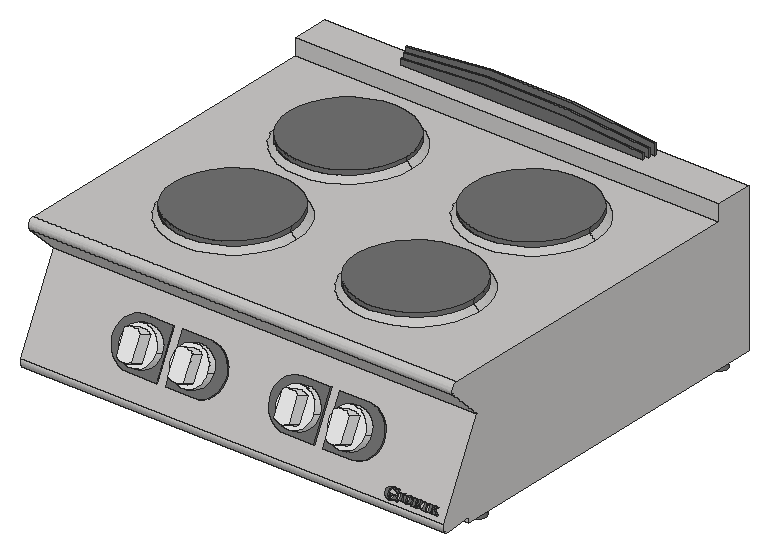
Revit family "QF_GIORIK_CE74TT", category Specialty Equipment, Revit 2014
Parameters (values of type "CE74TT")
  Weight in Pounds = 121.2541
  Watts = 10400 W
  Volts = 400 V
  URL Cutsheet = "www.giorik.com"
  URL = "www.giorik.com"
  Status [instance] = ""
  Specification by User [instance] = ""
  Specification by Manufacturer = ""
  Show Logo [instance] = yes
  Show Clearance [instance] = yes
  Serial Number = ""
  Seismic Rating = ""
  SMACNA No = ""
  Revision Code [instance] = ""
  Phase = 3
  Number of Poles [instance] = 3
  NAFEM Spec ID Number = ""
  Model = "CE74TT"
  Min Ckt Ampacity = 0 A
  Max Overcurrent Protection = 0 A
  Masterspec = ""
  Manufacturer = "GIORIK"
  Item Number [instance] = ""
  Installed By [instance] = ""
  Identify Quantity as Lot [instance] = no
  HP = "13.946608000000"
  Furnished By [instance] = ""
  Foodservice Equipment Identifier [instance] = yes
  FL Amps = 0 A
  Electrical Remarks [instance] = ""
  Electric Connection Type [instance] = ""
  Elec Conn RI Height [instance] = 0 mm
  Elec Conn Connection Height [instance] = 20 mm
  Description = "4 ELECTRIC ROUND PLATE HOB - COUNTERTOP VERSION"
  Cycle = 50 Hz
  Conn Plug = ""
  CSI MasterFormat = ""
  Assembly Code = "E1090320"
  Apparent Power = 10400 VA
Reference planes
  plane 1 "Back": y = 0
  plane 2: z = 0
  plane 3 "Left": x = 0
  plane 4 "Right": x = 800
  plane 5 "Front": y = -720
  plane 6 "Top": z = 300
Forms (mm)
  Extrusion 1, solid, visible <- "Show Logo"
    sketch origin (591.604, -736.761, 9.486) x (-1, 0, 0) y (0, 0.452718, 0.891654)
      loop
        line (-118.824, 58.358) -> (-127.804, 58.358) -> (-125.523, 56.445) -> (-125.523, 48.027) -> (-127.804, 46.113) -> (-118.824, 46.113) -> (-121.105, 48.027) -> (-121.105, 56.445) -> (-118.824, 58.358)
      loop
        line (-163.721, 58.358) -> (-172.7, 58.358) -> (-170.42, 56.445) -> (-170.42, 48.027) -> (-172.7, 46.113) -> (-163.721, 46.113) -> (-166.001, 48.027) -> (-166.001, 56.445) -> (-163.721, 58.358)
      loop
        line (-174.332, 58.358) -> (-183.312, 58.358) -> (-181.031, 56.445) -> (-181.031, 52.435) -> (-186.419, 56.955) -> (-184.416, 58.358) -> (-191.268, 58.358) -> (-188.01, 56.839) -> (-185.455, 54.283) -> (-190.846, 47.858) -> (-193.396, 46.93) -> (-193.396, 46.113) -> (-184.416, 46.113) -> (-185.437, 47.571) -> (-182.443, 51.552) -> (-181.031, 50.894) -> (-181.031, 48.027) -> (-183.312, 46.113) -> (-174.332, 46.113) -> (-176.613, 48.027) -> (-176.613, 56.445) -> (-174.332, 58.358)
      loop
        line (-115.429, 62.063) -> (-115.429, 54.198)
        arc (-115.429, 54.198) -> (-111.618, 57.803) -> (-106.847, 59.986) r 16.039
        arc (-106.847, 59.986) -> (-103.314, 59.837) -> (-100.512, 57.68) r 5.851
        arc (-100.512, 57.68) -> (-98.815, 52.267) -> (-100.512, 46.853) r 9.479
        arc (-100.512, 46.853) -> (-102.406, 44.986) -> (-104.846, 43.93) r 7.236
        arc (-104.846, 43.93) -> (-107.728, 44.111) -> (-110.052, 45.825) r 5.11
        line (-110.052, 45.825) -> (-110.052, 52.001) -> (-116.141, 52.001) -> (-116.141, 45.503) -> (-117.893, 43.751) -> (-114.094, 44.769)
        arc (-114.094, 44.769) -> (-112.56, 44.947) -> (-111.129, 44.366) r 3.115
        arc (-111.129, 44.366) -> (-104.216, 42.091) -> (-97.303, 44.366) r 11.641
        arc (-97.303, 44.366) -> (-93.396, 52.107) -> (-97.303, 59.849) r 9.622
        arc (-97.303, 59.849) -> (-104.369, 62.174) -> (-111.435, 59.849) r 11.898
        line (-111.435, 59.849) -> (-115.429, 62.063)
      loop
        arc (-129.234, 56.068) -> (-135.893, 58.628) -> (-142.552, 56.068) r 9.941
        arc (-142.552, 56.068) -> (-144.234, 52.286) -> (-142.552, 48.505) r 5.093
        arc (-142.552, 48.505) -> (-135.893, 45.945) -> (-129.234, 48.505) r 9.941
        arc (-129.234, 48.505) -> (-127.552, 52.286) -> (-129.234, 56.068) r 5.093
      loop
        arc (-132.628, 54.403) -> (-135.893, 57.668) -> (-139.158, 54.403) r 3.265
        line (-139.158, 54.403) -> (-139.158, 50.169)
        arc (-139.158, 50.169) -> (-135.893, 46.904) -> (-132.628, 50.169) r 3.265
        line (-132.628, 50.169) -> (-132.628, 54.403)
      loop
        arc (-156.363, 58.365) -> (-159.647, 55.081) -> (-156.363, 51.796) r 3.285
        line (-156.363, 51.796) -> (-159.529, 47.306) -> (-162.087, 46.113) -> (-155.847, 46.113) -> (-153.529, 51.083) -> (-150.637, 51.083) -> (-150.637, 47.784) -> (-153.022, 46.113) -> (-144.011, 46.113) -> (-146.094, 47.68) -> (-146.094, 56.493) -> (-144.229, 58.365) -> (-156.363, 58.365)
      loop
        line (-150.637, 57.512) -> (-153.637, 57.512)
        arc (-153.637, 57.512) -> (-156.237, 54.912) -> (-153.637, 52.312) r 2.6
        line (-153.637, 52.312) -> (-150.637, 52.312) -> (-150.637, 57.512)
      loop
        line (-108.924, 52.001) -> (-104.936, 49.005) -> (-100.948, 52.001) -> (-108.924, 52.001)
    from 1.5 to -0.5
  Extrusion 2, solid
    sketch origin (0, 1000, -620) x (0, 1, 0) y (0, 0, 1)
      loop
        line (-1000, 919.988) -> (-1070, 919.988) -> (-1070, 889.988) -> (-1688.806, 889.988)
        arc (-1688.806, 889.988) -> (-1699.151, 883.075) -> (-1696.724, 870.873) r 11.197
        line (-1696.724, 870.873) -> (-1640.876, 815.025) -> (-1718.948, 661.258)
        arc (-1718.948, 661.258) -> (-1718.233, 650.105) -> (-1708.118, 645.354) r 10.981
        line (-1708.118, 645.354) -> (-1660, 649.925) -> (-1660, 640) -> (-1000, 640) -> (-1000, 919.988)
    from 0 to 800
  Extrusion 3, solid
    sketch origin (-220.755, -963.345, -547.637) x (1, 0, 0) y (0, 0.452718, 0.891654)
      loop
        line (463.221, 676.25) -> (463.221, 766.25) -> (409.698, 766.25)
        arc (409.698, 766.25) -> (364.698, 721.25) -> (409.698, 676.25) r 45
        line (409.698, 676.25) -> (463.221, 676.25)
    from 48 to 50
  Extrusion 4, solid
    sketch origin (553.797, -1008.697, -525.041) x (-1, 0, 0) y (0, -0.45351, -0.891251)
      loop
        circle (351.331, -721.346) r 35
    from 0 to 15
  Extrusion 5, solid
    sketch origin (553.797, -1008.697, -525.041) x (-1, 0, 0) y (0, -0.45351, -0.891251)
      loop
        arc (336.331, -743.846) -> (351.331, -748.846) -> (366.331, -743.846) r 25
        line (366.331, -743.846) -> (366.331, -698.846)
        arc (366.331, -698.846) -> (351.331, -693.846) -> (336.331, -698.846) r 25
        line (336.331, -698.846) -> (336.331, -743.846)
    from 15 to 40
  Extrusion 6, solid
    sketch origin (723.221, -963.345, -547.637) x (-1, 0, 0) y (0, -0.452718, -0.891654)
      loop
        line (463.221, -676.25) -> (409.698, -676.25)
        arc (409.698, -676.25) -> (364.698, -721.25) -> (409.698, -766.25) r 45
        line (409.698, -766.25) -> (463.221, -766.25) -> (463.221, -676.25)
    from 48 to 50
  Extrusion 7, solid
    sketch origin (-51.331, -1008.697, -525.041) x (1, 0, 0) y (0, 0.45351, 0.891251)
      loop
        circle (351.331, 721.346) r 35
    from 0 to 15
  Extrusion 8, solid
    sketch origin (-51.331, -1008.697, -525.041) x (1, 0, 0) y (0, 0.45351, 0.891251)
      loop
        line (336.331, 743.846) -> (336.331, 698.846)
        arc (336.331, 698.846) -> (351.331, 693.846) -> (366.331, 698.846) r 25
        line (366.331, 698.846) -> (366.331, 743.846)
        arc (366.331, 743.846) -> (351.331, 748.846) -> (336.331, 743.846) r 25
    from 15 to 40
  Extrusion 9, solid
    sketch origin (76.779, -963.345, -547.637) x (1, 0, 0) y (0, 0.452718, 0.891654)
      loop
        line (463.221, 676.25) -> (463.221, 766.25) -> (409.698, 766.25)
        arc (409.698, 766.25) -> (364.698, 721.25) -> (409.698, 676.25) r 45
        line (409.698, 676.25) -> (463.221, 676.25)
    from 48 to 50
  Extrusion 10, solid
    sketch origin (851.331, -1008.697, -525.041) x (-1, 0, 0) y (0, -0.45351, -0.891251)
      loop
        circle (351.331, -721.346) r 35
    from 0 to 15
  Extrusion 11, solid
    sketch origin (851.331, -1008.697, -525.041) x (-1, 0, 0) y (0, -0.45351, -0.891251)
      loop
        arc (336.331, -743.846) -> (351.331, -748.846) -> (366.331, -743.846) r 25
        line (366.331, -743.846) -> (366.331, -698.846)
        arc (366.331, -698.846) -> (351.331, -693.846) -> (336.331, -698.846) r 25
        line (336.331, -698.846) -> (336.331, -743.846)
    from 15 to 40
  Extrusion 12, solid
    sketch origin (1020.755, -963.345, -547.637) x (-1, 0, 0) y (0, -0.452718, -0.891654)
      loop
        line (463.221, -676.25) -> (409.698, -676.25)
        arc (409.698, -676.25) -> (364.698, -721.25) -> (409.698, -766.25) r 45
        line (409.698, -766.25) -> (463.221, -766.25) -> (463.221, -676.25)
    from 48 to 50
  Extrusion 13, solid
    sketch origin (246.203, -1008.697, -525.041) x (1, 0, 0) y (0, 0.45351, 0.891251)
      loop
        circle (351.331, 721.346) r 35
    from 0 to 15
  Extrusion 14, solid
    sketch origin (246.203, -1008.697, -525.041) x (1, 0, 0) y (0, 0.45351, 0.891251)
      loop
        line (336.331, 743.846) -> (336.331, 698.846)
        arc (336.331, 698.846) -> (351.331, 693.846) -> (366.331, 698.846) r 25
        line (366.331, 698.846) -> (366.331, 743.846)
        arc (366.331, 743.846) -> (351.331, 748.846) -> (336.331, 743.846) r 25
    from 15 to 40
  Extrusion 15, solid
    sketch origin (36.031, 0, -610.002) x (1, 0, 0) y (0, 0, 1)
      loop
        line (135, 909.989) -> (592.969, 909.989) -> (592.969, 919.989) -> (440.969, 929.989) -> (287, 929.989) -> (135, 919.989) -> (135, 909.989)
    from 32 to 35
  Extrusion 16, solid
    sketch origin (38, 10, -610.002) x (1, 0, 0) y (0, 0, 1)
      loop
        line (594, 909.989) -> (594, 924.989) -> (440, 937.489) -> (284, 937.489) -> (130, 925.001) -> (130, 909.989) -> (594, 909.989)
    from 32 to 35
  Extrusion 17, solid
    sketch origin (40, 20, -610.002) x (1, 0, 0) y (0, 0, 1)
      loop
        line (595, 909.989) -> (595, 930.001) -> (439, 945.258) -> (281, 945.258) -> (125, 929.989) -> (125, 909.989) -> (595, 909.989)
    from 32 to 35
  Extrusion 18, solid
    sketch origin (37, 2.499, 264.988) x (0, 1, 0) y (-1, 0, 0)
      loop
        circle (-231.5, -189.999) r 110
    from 23 to 15
  Blend 19, solid
    base sketch origin (781.36, -820.005, 269.988) x (0, 1, 0) y (-1, 0, 0)
      loop
        circle (591.004, 554.361) r 120
    top sketch origin (781.36, -820.005, 300) x (0, 1, 0) y (-1, 0, 0)
      loop
        circle (591.004, 554.361) r 110
    from 0 to -20.012
  Extrusion 20, solid
    sketch origin (37, -733.501, 264.988) x (0, -1, 0) y (1, 0, 0)
      loop
        circle (-231.5, 189.999) r 110
    from 23 to 15
  Blend 21, solid
    base sketch origin (781.36, 89.003, 269.988) x (0, -1, 0) y (1, 0, 0)
      loop
        circle (591.004, -554.361) r 120
    top sketch origin (781.36, 89.003, 300) x (0, -1, 0) y (1, 0, 0)
      loop
        circle (591.004, -554.361) r 110
    from 0 to -20.012
  Extrusion 22, solid
    sketch origin (763, 2.499, 264.988) x (0, 1, 0) y (-1, 0, 0)
      loop
        circle (-231.5, 189.999) r 110
    from 23 to 15
  Blend 23, solid
    base sketch origin (18.64, -820.005, 269.988) x (0, 1, 0) y (-1, 0, 0)
      loop
        circle (591.004, -554.361) r 120
    top sketch origin (18.64, -820.005, 300) x (0, 1, 0) y (-1, 0, 0)
      loop
        circle (591.004, -554.361) r 110
    from 0 to -20.012
  Extrusion 24, solid
    sketch origin (763, -733.501, 264.988) x (0, -1, 0) y (1, 0, 0)
      loop
        circle (-231.5, -189.999) r 110
    from 23 to 15
  Blend 25, solid
    base sketch origin (18.64, 89.003, 269.988) x (0, -1, 0) y (1, 0, 0)
      loop
        circle (591.004, 554.361) r 120
    top sketch origin (18.64, 89.003, 300) x (0, -1, 0) y (1, 0, 0)
      loop
        circle (591.004, 554.361) r 110
    from 0 to -20.012
  Extrusion 26, solid
    sketch origin (-4, 0, 0) x (1, 0, 0) y (0, 1, 0)
      loop
        circle (54, -385) r 12.5
    from 5 to 20
  Extrusion 27, solid
    sketch origin (543.603, 45.293, -30) x (0, 1, 0) y (-1, 0, 0)
      loop
        circle (-79.293, 516.603) r 5
    from 41.965 to 50
  Revolve 28, solid
    sketch origin (27, 49.943, -600) x (0, 1, 0) y (0, 0, 1)
      loop
        line (-83.943, 611.965) -> (-94.752, 611.965) -> (-97.943, 600) -> (-83.943, 600) -> (-83.943, 611.965)
      axis (-83.943, 611.965) -> (-83.943, 600)
    angle from 0 to 360
  Extrusion 29, solid
    sketch origin (543.603, -524.707, -30) x (0, 1, 0) y (-1, 0, 0)
      loop
        circle (-79.293, 516.603) r 5
    from 41.965 to 50
  Revolve 30, solid
    sketch origin (27, -520.057, -600) x (0, 1, 0) y (0, 0, 1)
      loop
        line (-83.943, 611.965) -> (-94.752, 611.965) -> (-97.943, 600) -> (-83.943, 600) -> (-83.943, 611.965)
      axis (-83.943, 611.965) -> (-83.943, 600)
    angle from 0 to 360
  Extrusion 31, solid
    sketch origin (256.397, 45.293, -30) x (0, 1, 0) y (-1, 0, 0)
      loop
        circle (-79.293, -516.603) r 5
    from 41.965 to 50
  Revolve 32, solid
    sketch origin (773, 49.943, -600) x (0, 1, 0) y (0, 0, -1)
      loop
        line (-83.943, -611.965) -> (-83.943, -600) -> (-97.943, -600) -> (-94.752, -611.965) -> (-83.943, -611.965)
      axis (-83.943, -611.965) -> (-83.943, -600)
    angle from 0 to 360
  Extrusion 33, solid
    sketch origin (256.397, -524.707, -30) x (0, 1, 0) y (-1, 0, 0)
      loop
        circle (-79.293, -516.603) r 5
    from 41.965 to 50
  Revolve 34, solid
    sketch origin (773, -520.057, -600) x (0, 1, 0) y (0, 0, -1)
      loop
        line (-83.943, -611.965) -> (-83.943, -600) -> (-97.943, -600) -> (-94.752, -611.965) -> (-83.943, -611.965)
      axis (-83.943, -611.965) -> (-83.943, -600)
    angle from 0 to 360
Lines and regions (mm)
  symbolic lines, style "200-EquipBorder-2D"
    curve 1: line (0, -720, 0) -> (800, -720, 0)
    curve 2: line (800, -720, 0) -> (800, 0, 0)
    curve 3: line (800, 0, 0) -> (0, 0, 0)
    curve 4: line (0, 0, 0) -> (0, -720, 0)
  symbolic lines, style "200-EquipInternal-2D"
    curve 5: line (0, -70, 300) -> (800, -70, 300)
    curve 6: line (165, -12, 900) -> (635, -12, 900)
    curve 7: line (635, -12, 900) -> (635, -15, 900)
    curve 8: line (635, -15, 900) -> (165, -15, 900)
    curve 9: line (165, -15, 900) -> (165, -12, 900)
    curve 10: line (168, -22, 900) -> (632, -22, 900)
    curve 11: line (632, -22, 900) -> (632, -25, 900)
    curve 12: line (632, -25, 900) -> (168, -25, 900)
    curve 13: line (168, -25, 900) -> (168, -22, 900)
    curve 14: line (171.031, -32, 900) -> (629, -32, 900)
    curve 15: line (629, -32, 900) -> (629, -35, 900)
    curve 16: line (629, -35, 900) -> (171.031, -35, 900)
    curve 17: line (171.031, -35, 900) -> (171.031, -32, 900)
    curve 18: circle (227, -229.001, 900) r 120 normal (0, 0, 1)
    curve 19: circle (227, -229.001, 900) r 109.999 normal (0, 0, 1)
    curve 20: circle (227, -502.001, 900) r 109.999 normal (0, 0, 1)
    curve 21: circle (227, -502.001, 900) r 119.999 normal (0, 0, 1)
    curve 22: circle (573, -229.001, 900) r 120 normal (0, 0, -1)
    curve 23: circle (573, -229.001, 900) r 109.999 normal (0, 0, -1)
    curve 24: circle (573, -502.001, 900) r 109.999 normal (0, 0, -1)
    curve 25: circle (573, -502.001, 900) r 119.999 normal (0, 0, -1)
Dimensions and locks
  plane 3 "Left" to plane 4 "Right" = 800 mm
  plane 5 "Front" to plane 1 "Back" = 720 mm
  plane 4 "Right" to plane 3 "Left" = 800 mm
  plane 1 "Back" to plane 5 "Front" = 720 mm
  plane 6 "Top" to level = 300 mm  (x2)
  aligned and locked: level to plane 2
Connectors
  electrical at (50, -385, 5), driven by "Apparent Power", driven by "Volts", driven by "Number of Poles"
    settings: on Extrusion 26, index 2, voltage 400 V, apparent load 0 VA, apparent load phase1 10400 VA, apparent load phase2 0 VA, apparent load phase3 0 VA, power factor 1, load classification "Other", number of poles 3, system type 31, power factor state 1, is connector primary yes, connector utility no, sub classification motor no, connector description "Electrical connection"
